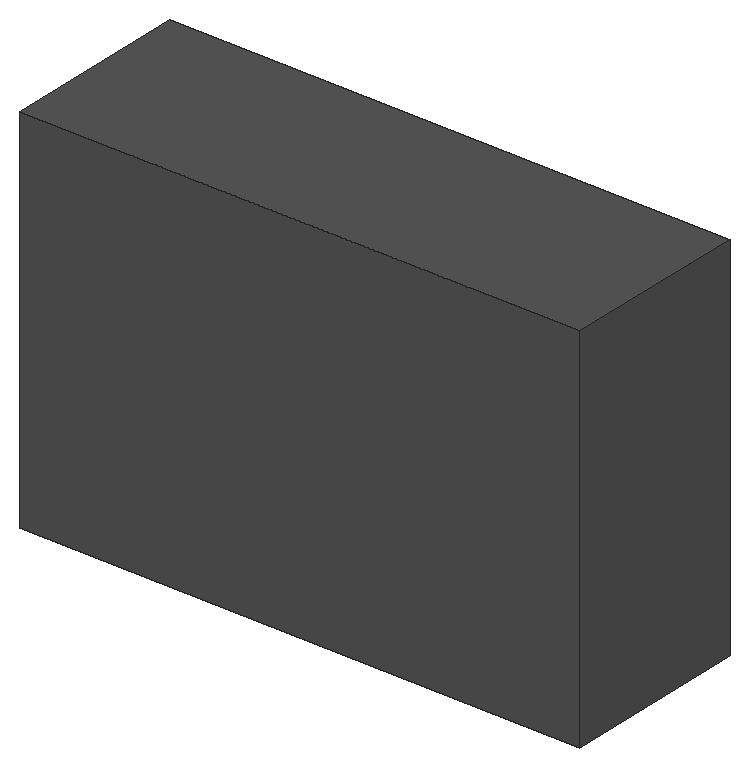
Revit family "PHS-CAIXA_PASSAGEM-SPLIT-9000_36000BTU", category Peças hidrossanitárias, Revit 2025
Family settings
  Cota do conector redondo = Utilizar diâmetro
  Tipo de parte = Normal
  Com base no plano de trabalho = Não
  Ativar corte nas vistas = Sim
  Sempre na vertical = Sim
  Corte com vazios quando carregada = Não
  Manter orientação da anotação = Não
  Compartilhado = Não
  Ponto de cálculo do ambiente = Não
Parameters
  Material caixa de passagem = MAT-PVC-PRETO
  Largura = 100 mm
  Elevação padrão = 0 mm
  Diâmetro conector duto [instance] = 75 mm
  Comprimento = 300 mm
  Altura = 200 mm
Reference planes
  plane 1 "Center (Front/Back)": y = 0
  plane 2: z = 0
  plane 3 "Center (Left/Right)": x = 0
  plane 4: x = -150
  plane 5: x = 150
  plane 6: y = 50
  plane 7: y = -50
  plane 8: z = 200
Forms (mm)
  Extrusion 1, solid, material "MAT-PVC-PRETO" <- "Material caixa de passagem"
    sketch origin (0, 0, 0) x (1, 0, 0) y (0, 1, 0)
      loop
        line (-150, 50) -> (-150, -50) -> (150, -50) -> (150, 50) -> (-150, 50)
    from 0 to 200
Dimensions and locks
  equal spacing: plane 4, plane 3 "Center (Left/Right)", plane 5
  "Comprimento": plane 4 to plane 5
  equal spacing: plane 6, plane 1 "Center (Front/Back)", plane 7
  "Largura": plane 6 to plane 7
  "Altura": plane 8 to level
  aligned and locked: level to plane 2
  aligned and locked: Extrusion 1 to plane 4
  aligned and locked: Extrusion 1 to plane 7
  aligned and locked: plane 6 to Extrusion 1
  aligned and locked: plane 8 to Extrusion 1
  aligned and locked: Extrusion 1 to plane 8
Automatic sketch dimensions
  plane 1 "Center (Front/Back)" to Extrusion 1 sketch curve = 50 mm
  plane 4 to Extrusion 1 sketch curve = 0 mm
  plane 5 to Extrusion 1 sketch curve = 0 mm
  Extrusion 1 sketch curve to plane 1 "Center (Front/Back)" = 50 mm
Connectors
  hvac at (150, 0, 100), driven by "Diâmetro conector duto"
    settings: on Extrusion 1, index 1, duct flow 0.0 L/s, flow factor 0, pres drop 0.0 Pa, loss coef 0, conn angle 0.00°, conn width 304.8 mm, conn height 304.8 mm, conn diameter 75 mm, duct sys type 1, conn prof type 0, flow config 0, flow direction 0, loss method 0, conn ref index -1, conn util no, is conn primary yes, conn desc ""
  hvac at (-150, 0, 100), driven by "Diâmetro conector duto"
    settings: on Extrusion 1, index 2, duct flow 0.0 L/s, flow factor 0, pres drop 0.0 Pa, loss coef 0, conn angle 0.00°, conn width 304.8 mm, conn height 304.8 mm, conn diameter 75 mm, duct sys type 1, conn prof type 0, flow config 0, flow direction 0, loss method 0, conn ref index -1, conn util no, is conn primary no, conn desc ""
